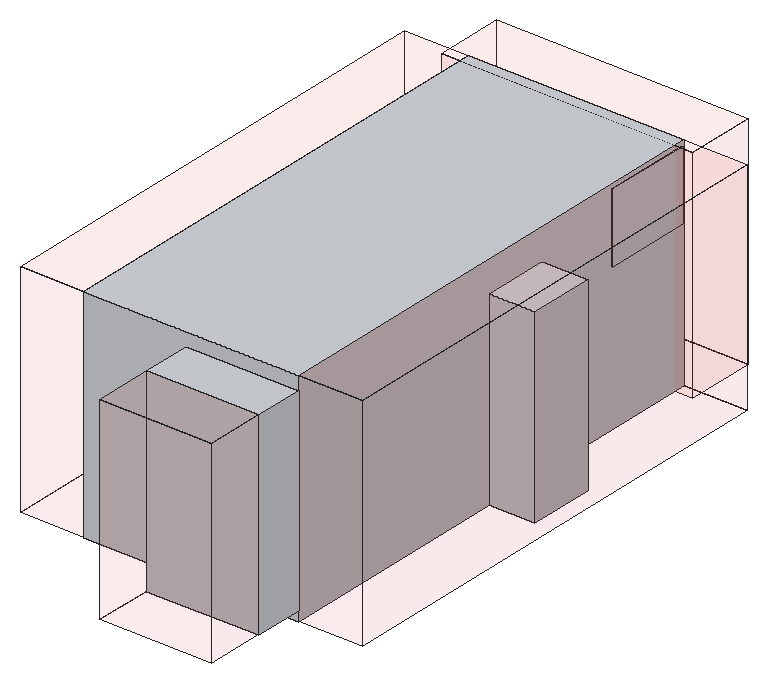
Revit family "M-AHU MZ_AnnexAir (AHU-2)", category Mechanical Equipment, Revit 2018
Family settings
  Round Connector Dimension = Use Diameter
  Part Type = Normal
  OmniClass Number = 23.75.00.00
  OmniClass Title = Climate Control (HVAC)
  Work Plane-Based = No
  Always vertical = Yes
  Cut with Voids When Loaded = No
  Shared = No
  Room Calculation Point = No
Parameters (values of type "AHU-2 (14,700 SA CFM, 7,350 EA CFM)")
  Y Offset SA Duct = 6' - 4"
  X Offset SA Duct = 0' - 2"
  X Offset RA Duct = 0' - 2"
  X Offset OA Duct = 1' - 0"
  X Offset EA Duct = 18' - 3"
  Width = 9' - 3"
  Y Offset RA Duct = 6' - 4"
  Y Offset OA Duct = 0' - 5"
  Voltage = 208 V
  Supply Air Filter Size = 1' - 0"
  Specification - Spec Link Number [instance] = "23 73 13"  # constant formula
  Service [instance] = ""
  Phase = 3
  PC X Offset = 7' - 8"
  PC Width = 2' - 0"
  PC Length = 2' - 10"
  Overall Width = Width  # 9' - 3"
  Overall Length = Length + OA Width  # 22' - 11"
  Overall Height = Height  # 9' - 6"
  OA Width = 2' - 2"
  Notes [instance] = ""
  Module G Width = 0' - 0"
  Module F Width = 5' - 0"
  Module E Width = 4' - 11"
  Module D Width = 2' - 5"
  Module C Width = 1' - 3"
  Module B Width = 2' - 7"
  Module A Width = 3' - 5"
  Manufacturer Series Number [instance] = "ERP"  # constant formula
  Manufacturer Model Number [instance] = "ERP-I-07-EP"  # constant formula
  Manufacturer = "ANNEX AIR"  # constant formula
  Location [instance] = ""
  Length = 20' - 9"
  Height = 9' - 6"
  Y Offset EA Duct = 1' - 5"
  Frequency = 60 Hz
  Exhaust Air Filter Size = 1' - 0"
  Equipment Type [instance] = "VARIABLE VOLUME"
  Equipment Served [instance] = ""
  Equipment Location [instance] = ""
  Duct Connection SA Length = 3' - 9"
  Duct Connection SA Height = 3' - 0"
  Duct Connection RA Length = 3' - 9"
  Duct Connection RA Height = 3' - 0"
  Duct Connection OA Length = 4' - 10"
  Duct Connection OA Height = 8' - 6"
  Duct Connection EA Length = 2' - 1"
  Duct Connection EA Heigth = 7' - 8"
  Design Supply Fan Total Horsepower [instance] = 0 W
  Design Supply Fan Horsepower = 11.185 kW
  Design Supply External Static Pressure = 2.50 in-wg
  Design Supply Air Flow [instance] = 7350 CFM
  Design Reheat Total Capacity = 104.0 Btu/h
  Design Preheating Water Pressure Drop = 0.00 psi
  Design Preheating Water Flow = 8 GPM
  Design Preheating Leaving Water Temperature = 110 °F
  Design Preheating Leaving Air DB Temperature = 72 °F
  Design Preheating Entering Water Temperature = 140 °F
  Design Preheating Entering Air DB Temperature = 65 °F
  Design Number of Supply Fans = 2
  Design Number of Exhaust Fans = 2
  Design Minimum Supply Airflow = 0 CFM
  Design Minimum Outdoor Airflow [instance] = 0 CFM
  Design Minimum Circuit Amps (MCA) = 172 A
  Design Maximum Weight = 9500.00 lbf
  Design Maximum Supply Airflow = 7350 CFM
  Design Maximum Overcurrent Protection (MOCP) = 175 A
  Design Maximum Outdoor Airflow [instance] = 0 CFM
  Design Heating Water Pressure Drop = 1.834 psi
  Design Heating Water Flow = 16 GPM
  Design Heating Total Capacity = 235.0 Btu/h
  Design Heating Leaving Water Temperature = 110 °F
  Design Heating Leaving Air DB Temperature = 72 °F
  Design Heating Entering Water Temperature = 140 °F
  Design Heating Entering Air DB Temperature = 57.5 °F
  Design Exhaust Minimum Airflow [instance] = 0 CFM
  Design Exhaust Maximum Airflow = 7350 CFM
  Design Exhaust Fan Total Horsepower [instance] = 0 W
  Design Exhaust Fan Horsepower = 5316.8 W
  Design Exhaust External Static Pressure = 2.50 in-wg
  Design Exhaust Air Flow [instance] = 7350 CFM
  Design ER2 Supply Leaving Air WB Temperature [instance] = 56.9 °F
  Design ER2 Supply Leaving Air DB Temperature [instance] = 62.3 °F
  Design ER2 Supply Entering Air WB Temperature [instance] = 54 °F
  Design ER2 Supply Entering Air DB Temperature [instance] = 55 °F
  Design ER2 Exhaust Leaving Air WB Temperature [instance] = 56.2 °F
  Design ER2 Exhaust Leaving Air DB Temperature [instance] = 62 °F
  Design ER2 Exhaust Entering Air WB Temperature [instance] = 59.9 °F
  Design ER2 Exhaust Entering Air DB Temperature [instance] = 72 °F
  Design ER Winter Supply Leaving Air WB Temperature = 41 °F
  Design ER Winter Supply Leaving Air DB Temperature = 49.9 °F
  Design ER Winter Supply Entering Air WB Temperature = 14 °F
  Design ER Winter Supply Entering Air DB Temperature = 14 °F
  Design ER Winter Exhaust Leaving Air WB Temperature = 52.6 °F
  Design ER Winter Exhaust Leaving Air DB Temperature = 52.6 °F
  Design ER Winter Exhaust Entering Air WB Temperature = 53 °F
  Design ER Winter Exhaust Entering Air DB Temperature = 70 °F
  Design ER Summer Supply Leaving Air WB Temperature = 68 °F
  Design ER Summer Supply Leaving Air DB Temperature = 82.5 °F
  Design ER Summer Supply Entering Air WB Temperature = 74 °F
  Design ER Summer Supply Entering Air DB Temperature = 95 °F
  Design ER Summer Exhaust Leaving Air WB Temperature = 76.1 °F
  Design ER Summer Exhaust Leaving Air DB Temperature = 89 °F
  Design ER Summer Exhaust Entering Air WB Temperature = 63 °F
  Design ER Summer Exhaust Entering Air DB Temperature = 75 °F
  Design Cooling Water Pressure Drop = 3.737 psi
  Design Cooling Water Flow = 53 GPM
  Design Cooling Total Capacity = 525.0 Btu/h
  Design Cooling Sensible Capacity = 413.0 Btu/h
  Design Cooling Leaving Water Temperature = 62 °F
  Design Cooling Leaving Air WB Temperature = 54 °F
  Design Cooling Leaving Air DB Temperature = 54 °F
  Design Cooling Entering Water Temperature = 42 °F
  Design Cooling Entering Air WB Temperature = 65.8 °F
  Design Cooling Entering Air DB Temperature = 79.5 °F
  Design # of Supply Fans = 2
  Design # of Exhaust Fans = 2
  Connection Heating Outlet Pipe Diameter [instance] = 0"
  Connection Heating Inlet Pipe Diameter [instance] = 0"
  Connection Cooling Outlet Pipe Diameter [instance] = 0"
  Connection Cooling Inlet Pipe Diameter [instance] = 0"
  Clearance Depth = 10' - 3"
  Author = "Uriel S"  # constant formula
  2rw_Type [instance] = ""
  2rw_Instance [instance] = ""
  2rw_Abbrv [instance] = "AHU"  # constant formula
  2rw Mark [instance] = ""
Reference planes (in)
  plane 1 "Center (Front/Back)": y = 0
  plane 2: z = 0
  plane 3 "Center (Left/Right)": x = 0
  plane 4 "LEFT FACE": x = -55.5
  plane 5 "RIGHT FACE": x = 55.5
  plane 6 "BACK FACE": y = 124.5
  plane 7 "FRONT FACE": y = -124.5
  plane 8 "TOP FACE": z = 114
  plane 9: y = 83.5
  plane 10: y = 52.5
  plane 11: y = 37.5
  plane 12: y = 8.5
  plane 13: y = -50.5
  plane 14: y = -110.5
  plane 15: y = -110.5
Forms (in)
  Extrusion 1, solid
    sketch origin (0, 0, 0) x (1, 0, 0) y (0, 1, 0)
      loop
        line (-55.5, 124.5) -> (-55.5, -124.5) -> (55.5, -124.5) -> (55.5, 124.5) -> (-55.5, 124.5)
    from 0 to 114 <- "Height"
  Extrusion 2, solid
    sketch origin (-55.5, -176.8952, -43) x (0, 1, 0) y (0, 0, 1)
      loop
        line (254.3952, 155) -> (254.3952, 119) -> (299.3952, 119) -> (299.3952, 155) -> (254.3952, 155)
    from 0 to 1
  Extrusion 3, solid
    sketch origin (55.5, 0, 0) x (0, 0, 1) y (0, -1, 0)
      loop
        line (112, -77.5) -> (76, -77.5) -> (76, -122.5) -> (112, -122.5) -> (112, -77.5)
    from 0 to 1
  Extrusion 4, solid
    sketch origin (-55.5, -107.8952, -43) x (0, 1, 0) y (0, 0, 1)
      loop
        line (-11.6048, 152) -> (-11.6048, 60) -> (13.3952, 60) -> (13.3952, 152) -> (-11.6048, 152)
    from 0 to 1
  Extrusion 5, solid
    sketch origin (3, -124.5, 0) x (-1, 0, 0) y (0, 0, -1)
      loop
        line (-52.5, -107) -> (5.5, -107) -> (5.5, -5) -> (-52.5, -5) -> (-52.5, -107)
    from 0 to 26 <- "OA Width"
  Extrusion 6, solid
    sketch origin (0, 0, 0) x (1, 0, 0) y (0, 1, 0)
      loop
        line (55.5, 32.5) -> (55.5, -1.5) -> (79.5, -1.5) -> (79.5, 32.5) -> (55.5, 32.5)
    from 0 to 98
Dimensions and locks (in)
  equal spacing: Extrusion 1 sketch curve, plane 3 "Center (Left/Right)", Extrusion 1 sketch curve
  "Width": Extrusion 1 sketch curve to Extrusion 1 sketch curve
  equal spacing: Extrusion 1 sketch curve, plane 1 "Center (Front/Back)", Extrusion 1 sketch curve
  "Length": Extrusion 1 sketch curve to Extrusion 1 sketch curve
  equal spacing: plane 6 "BACK FACE", plane 1 "Center (Front/Back)", plane 7 "FRONT FACE"
  "Length": plane 6 "BACK FACE" to plane 7 "FRONT FACE"
  equal spacing: plane 4 "LEFT FACE", plane 3 "Center (Left/Right)", plane 5 "RIGHT FACE"
  "Width": plane 4 "LEFT FACE" to plane 5 "RIGHT FACE"
  "Height": plane 8 "TOP FACE" to level
  "Module A Width": plane 6 "BACK FACE" to plane 9
  "Module B Width": plane 9 to plane 10
  "Module C Width": plane 10 to plane 11
  "Module D Width": plane 11 to plane 12
  "Module E Width": plane 12 to plane 13
  "Module F Width": plane 13 to plane 14
  "Module G Width": plane 14 to plane 15
  "Duct Connection RA Height": Extrusion 2 sketch curve to Extrusion 2 sketch curve
  "Duct Connection RA Length": Extrusion 2 sketch curve to Extrusion 2 sketch curve
  "Duct Connection SA Height": Extrusion 3 sketch curve to Extrusion 3 sketch curve
  "Duct Connection SA Length": Extrusion 3 sketch curve to Extrusion 3 sketch curve
  "X Offset RA Duct": plane 6 "BACK FACE" to Extrusion 2 sketch curve
  "Y Offset RA Duct": Extrusion 2 sketch curve to Extrusion 1
  "X Offset SA Duct": plane 6 "BACK FACE" to Extrusion 3 sketch curve
  "Y Offset SA Duct": Extrusion 3 sketch curve to Extrusion 1
  "Duct Connection EA Heigth": Extrusion 4 sketch curve to Extrusion 4 sketch curve
  "Duct Connection EA Length": Extrusion 4 sketch curve to Extrusion 4 sketch curve
  "Y Offset EA Duct": Extrusion 1 to Extrusion 4 sketch curve
  "X Offset EA Duct": Extrusion 1 to Extrusion 4 sketch curve
  "Duct Connection OA Height": Extrusion 5 sketch curve to Extrusion 5 sketch curve
  "Duct Connection OA Length": Extrusion 5 sketch curve to Extrusion 5 sketch curve
  Extrusion 5 to nested 2 = 0' - 0"
  "Y Offset OA Duct": Extrusion 5 sketch curve to level
  "PC X Offset": Extrusion 6 sketch curve to Extrusion 1
  "PC Width": Extrusion 6 sketch curve to Extrusion 6 sketch curve
  "PC Length": Extrusion 6 sketch curve to Extrusion 6 sketch curve
  aligned and locked: level to plane 2
  aligned and locked: nested 1 to plane 4 "LEFT FACE"
  aligned and locked: plane 5 "RIGHT FACE" to nested 2
  aligned and locked: nested 3 to plane 5 "RIGHT FACE"
  aligned and locked: nested 3 to Extrusion 5
  aligned and locked: Extrusion 6 sketch curve to plane 5 "RIGHT FACE"
Automatic sketch dimensions
  plane 5 "RIGHT FACE" to Extrusion 5 sketch curve = 0' - 0"
Nested families (in)
  nested 1: "2rw-M-Side Clearance" at (-55.5, 0, 0) x (0, -1, 0) z (0, 0, 1), Service Clearance Width <- "Length", Service Clearance Height <- "Height", type "Service Clearance Cube"
    with Service Clearance Width 20' - 9", Service Clearance Height 9' - 6", Service Clearance Depth 2' - 9"
  nested 2: "2rw-M-Side Clearance" at (55.5, 0, 0) x (0, -1, 0) z (0, 0, 1), Service Clearance Width <- "Length", Service Clearance Height <- "Height", type "Service Clearance Cube"
    with Service Clearance Width 20' - 9", Service Clearance Height 9' - 6", Service Clearance Depth 2' - 9"
  nested 3: "2rw-M-Side Clearance" at (26.5, -150.5, 5) x (-1, 0, 0) z (0, 0, 1), Service Clearance Width <- "Duct Connection OA Length", Service Clearance Height <- "Duct Connection OA Height", type "Service Clearance Cube"
    with Service Clearance Width 4' - 10", Service Clearance Height 8' - 6", Service Clearance Depth 2' - 6"
  nested 4: "2rw-M-Side Clearance" at (0, 118.5, 0) x (-1, 0, 0) z (0, 0, 1), Service Clearance Height <- "Height", type "Service Clearance Cube"
    with Service Clearance Width 10' - 10", Service Clearance Height 9' - 6", Service Clearance Depth 3' - 0"
Connectors (in)
  hvac at (-55.5, -107, 63), driven by "Duct Connection EA Heigth", driven by "Duct Connection EA Length"
    settings: on Extrusion 4, index 1, duct flow 0 CFM, flow factor 0, pres drop 0.00 in-wg, loss coef 0, conn angle 0.00°, conn width 25", conn height 92", conn diameter 24", duct sys type 3, conn prof type 1, flow config 0, flow direction 0, loss method 0, conn ref index -1, conn util no, is conn primary yes, conn desc ""
  hvac at (-55.5, 100, 94), driven by "Duct Connection RA Height", driven by "Duct Connection RA Length"
    settings: on Extrusion 2, index 2, duct flow 0 CFM, flow factor 0, pres drop 0.00 in-wg, loss coef 0, conn angle 0.00°, conn width 45", conn height 36", conn diameter 24", duct sys type 2, conn prof type 1, flow config 0, flow direction 0, loss method 0, conn ref index -1, conn util no, is conn primary no, conn desc ""
  hvac at (56.5, 100, 94), driven by "Duct Connection SA Height", driven by "Duct Connection SA Length"
    settings: on Extrusion 3, index 3, duct flow 0 CFM, flow factor 0, pres drop 0.00 in-wg, loss coef 0, conn angle 0.00°, conn width 45", conn height 36", conn diameter 24", duct sys type 1, conn prof type 1, flow config 0, flow direction 0, loss method 0, conn ref index -1, conn util no, is conn primary no, conn desc ""
  hvac at (26.5, -150.5, 56), driven by "Duct Connection OA Height", driven by "Duct Connection OA Length"
    settings: on Extrusion 5, index 4, duct flow 0 CFM, flow factor 0, pres drop 0.00 in-wg, loss coef 0, conn angle 0.00°, conn width 58", conn height 102", conn diameter 24", duct sys type 4, conn prof type 1, flow config 0, flow direction 0, loss method 0, conn ref index -1, conn util no, is conn primary no, conn desc ""
Definition of nested family "2rw-M-Side Clearance"
  Parameters (values of type "Service Clearance Cube")
    Service Clearance Width [instance] = 4' - 0"
    Service Clearance Height [instance] = 4' - 0"
    Service Clearance Depth [instance] = 2' - 0"
  Reference planes (in)
    plane 1 "Center (Front/Back)": y = 0
    plane 2: z = 0
    plane 3 "Center (Left/Right)": x = 0
    plane 4: x = -24
    plane 5: x = 24
    plane 6: y = -24
    plane 7: z = 48
  Forms (in)
    Extrusion 1, solid
      sketch origin (0, 0, 0) x (1, 0, 0) y (0, 1, 0)
        loop
          line (-24, 0) -> (-24, -24) -> (24, -24) -> (24, 0) -> (-24, 0)
      from 0 to 48
  Lines and regions (in)
    model lines
      curve 1: line (-24, 0, 0) -> (-24, -24, 0)
      curve 2: line (-24, -24, 0) -> (24, -24, 0)
      curve 3: line (24, -24, 0) -> (24, 0, 0)
      curve 4: line (-24, 0, 0) -> (24, 0, 0)
      curve 5: line (-24, 0, 48) -> (-24, -24, 48)
      curve 6: line (-24, -24, 48) -> (24, -24, 48)
      curve 7: line (24, -24, 48) -> (24, 0, 48)
      curve 8: line (-24, 0, 48) -> (24, 0, 48)
      curve 9: line (-24, 0, 48) -> (-24, 0, 0)
      curve 10: line (24, 0, 48) -> (24, 0, 0)
      curve 11: line (24, -24, 48) -> (24, -24, 0)
      curve 12: line (-24, -24, 48) -> (-24, -24, 0)
  Dimensions and locks (in)
    "Service Clearance Width": plane 4 to plane 5
    equal spacing: plane 4, plane 3 "Center (Left/Right)", plane 5
    "Service Clearance Depth": plane 6 to plane 1 "Center (Front/Back)"
    "Service Clearance Height": plane 7 to level
    "Service Clearance Width": curve 12 to curve 11
    "Service Clearance Width": curve 7 to curve 5
    aligned and locked: plane 2 to level
    aligned and locked: curve 2 to plane 6
    aligned and locked: curve 1 to plane 4
    aligned and locked: plane 5 to curve 3
    aligned and locked: plane 7 to Extrusion 1
  Automatic sketch dimensions
    plane 1 "Center (Front/Back)" to curve 4 = 0' - 0"
    curve 9 to level = 0' - 0"
    curve 9 to plane 4 = 0' - 0"
    curve 10 to level = 0' - 0"
    curve 10 to plane 5 = 0' - 0"
    curve 10 to plane 7 = 0' - 0"
    curve 9 to plane 7 = 0' - 0"
    Extrusion 1 sketch curve to plane 4 = 0' - 0"
    Extrusion 1 sketch curve to plane 6 = 0' - 0"
    Extrusion 1 sketch curve to plane 5 = 0' - 0"
    plane 1 "Center (Front/Back)" to Extrusion 1 sketch curve = 0' - 0"
    plane 1 "Center (Front/Back)" to curve 7 = 0' - 0"
    curve 7 to plane 5 = 0' - 0"
    curve 7 to plane 6 = 0' - 0"
    curve 11 to level = 0' - 0"
    curve 11 to plane 5 = 0' - 0"
    curve 12 to level = 0' - 0"
    curve 12 to plane 7 = 0' - 0"
    curve 11 to plane 7 = 0' - 0"
